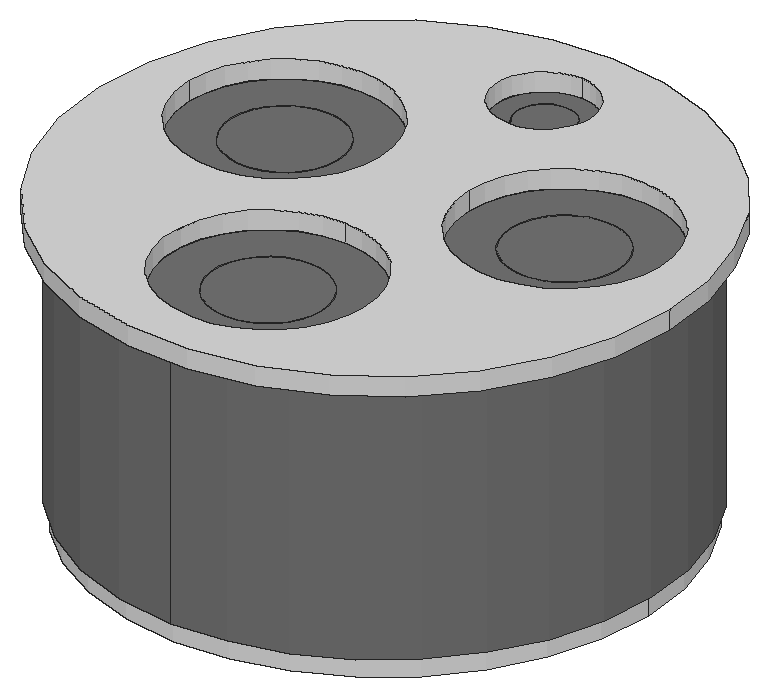
Revit family "Roxtec H4 UG seals", category Duct Accessories, host Face, Revit 2017
Family settings
  Host = Face
  Round Connector Dimension = Use Diameter
  Part Type = Attaches To
  Cut with Voids When Loaded = No
  Shared = No
Parameters (values of type "H4-150 UG")
  Max cable Ø = 54.042 mm
  phase left right height = 14 mm
  phase left right distance = 39.294 mm
  Min cable Ø = 30 mm
  phase down distance = 34 mm
  WarrantyGuarantorParts = ""
  WarrantyGuarantorLabor = ""
  WarrantyDurationUnit = ""
  WarrantyDurationParts = ""
  WarrantyDurationLabor = ""
  WarrantyDescription = ""
  Version = "2.0"  # constant formula
  Uniclass2015Version = ""
  Uniclass2015Title = ""
  Uniclass2015Code = ""
  URL = "https://www.roxtec.com/"
  UNSPSC Code = ""
  Type Comments = ""
  SustainabilityPerformance = ""
  Size = ""
  Shape = ""
  Sealing material = Roxylon black
  Roxtec RTD [instance] = ""
  Roxtec Product Title [instance] = if(and(Wall opening diameter = 150 mm), "H4-150 UG", "H4-200 UG")  # "H4-150 UG"
  Roxtec Product ID [instance] = if(and(Wall opening diameter = 150 mm), "192261", "170580")  # "192261"
  Revision = ""
  ReplacementCost = ""
  ProductInformation = ""
  ProdLib_ID = ""
  NominalLength [instance] = 0 mm
  NominalHeight = 0 mm
  NominalDepth = 0 mm
  Name = ""
  NBSReference = ""
  NBSDescription = ""
  ModelReference = ""
  ModelNumber = ""
  ManufacturerURL = ""
  Manufacturer = "Roxtec"  # constant formula
  IfcExportType = ""
  IfcExportAs = ""
  IfcClassification = ""
  IFC Classification = ""
  Grade = ""
  Frame material = Roxylon black
  Fitting material = Steel
  Finish = ""
  Features = ""
  ExpectedLife = ""
  ETIM Classification = "EC000220"  # constant formula
  DurationUnit = ""
  Description = "Sealing solutions for cables and pipes"
  Default Elevation = 0 mm
  Core material = Roxylon black
  Constituents = ""
  Color = ""
  Wall opening diameter = 150 mm
  Fitting height = 69 mm  # constant formula
  Fitting thickness = 5 mm  # constant formula
  Front fitting diameter = Wall opening diameter + 10 mm  # 160 mm
  CodePerformance = ""
  Category = ""
  COBie Type Category = ""
  BIMObjectName = ""
  Author = "ProdLib Oy"  # constant formula
  AssetType = ""
  AccessibilityPerformance = ""
Types (3, lengths in mm): name | Max cable Ø | phase left right height | phase left right distance | Min cable Ø | phase down distance | Roxtec Product Title | Roxtec Product ID | Wall opening diameter | Front fitting diameter
  (no name) | 54.042 | 14 | 39.294 | 30 | 34 | "H4-150 UG" | "192261" | 150 | 160
  H4-150 UG | 54.042 | 14 | 39.294 | 30 | 34 | "H4-150 UG" | "192261" | 150 | 160
  H4-200 UG | 66 | 18 | 49 | 50 | 48 | "H4-200 UG" | "170580" | 200 | 210
Reference planes
  plane 1 "Center (Front/Back)": y = 0
  plane 2: z = 0
  plane 3 "Center (Left/Right)": x = 0
  plane 4: y = 75
  plane 5: y = -75
  plane 6: z = -500
  plane 7: z = 5
  plane 8: z = -69
  plane 9: z = -74
  plane 10: x = -80
  plane 11: x = 80
  plane 12: y = 56
  plane 13: y = 69
  plane 14: y = 43
  plane 15: y = 63.5
  plane 16: y = 48.5
  plane 17: y = -41
  plane 18: y = -13.979
  plane 19: y = -68.021
  plane 20: y = -26
  plane 21: y = -56
  plane 22: x = -39.294
  plane 23: x = 39.294
  plane 24: y = 14
  plane 25: x = -66.315
  plane 26: x = -12.273
  plane 27: x = -54.294
  plane 28: x = -24.294
  plane 29: x = 12.273
  plane 30: x = 66.315
  plane 31: x = 24.294
  plane 32: x = 54.294
Forms (mm)
  Extrusion 1, void
    sketch origin (0, 0, 0) x (1, 0, 0) y (0, 1, 0)
      loop
        circle (0, 0) r 75
    from -500 to 0
  Extrusion 2, solid, material "Roxylon black" <- "Frame material"
    sketch origin (0, 0, 0) x (1, 0, 0) y (0, 1, 0)
      loop
        circle (0, 0) r 75
    from -69 to 0
  Extrusion 3, solid, material "Steel" <- "Fitting material"
    sketch origin (0, 0, 0) x (1, 0, 0) y (0, 1, 0)
      loop
        circle (0, 0) r 80
    from 0 to 5
  Extrusion 4, solid, material "Steel" <- "Fitting material"
    sketch origin (0, 0, 0) x (1, 0, 0) y (0, 1, 0)
      loop
        circle (0, 0) r 74
    from -74 to -69
  Extrusion 5, void
    sketch origin (0, 0, 0) x (1, 0, 0) y (0, 1, 0)
      loop
        circle (0, 56) r 13
    from -500 to 5
  Extrusion 6, solid, material "Roxylon black" <- "Sealing material"
    sketch origin (0, 0, 0) x (1, 0, 0) y (0, 1, 0)
      loop
        circle (0, 56) r 7.5
      loop
        circle (0, 56) r 13
    from -69 to 0
  Extrusion 7, void
    sketch origin (0, 0, 0) x (1, 0, 0) y (0, 1, 0)
      loop
        circle (0, -41) r 27.021
    from -500 to 5
  Extrusion 8, solid, material "Roxylon black" <- "Sealing material"
    sketch origin (0, 0, 0) x (1, 0, 0) y (0, 1, 0)
      loop
        circle (0, -41) r 27.021
      loop
        circle (0, -41) r 15
    from -69 to 0
  Extrusion 9, void
    sketch origin (0, 0, 0) x (1, 0, 0) y (0, 1, 0)
      loop
        circle (-39.294, 14) r 27.021
    from -500 to 5
  Extrusion 10, solid, material "Roxylon black" <- "Sealing material"
    sketch origin (0, 0, 0) x (1, 0, 0) y (0, 1, 0)
      loop
        circle (-39.294, 14) r 15
      loop
        circle (-39.294, 14) r 27.021
    from -69 to 0
  Extrusion 11, void
    sketch origin (0, 0, 0) x (1, 0, 0) y (0, 1, 0)
      loop
        circle (39.294, 14) r 27.021
    from -500 to 5
  Extrusion 12, solid, material "Roxylon black" <- "Sealing material"
    sketch origin (0, 0, 0) x (1, 0, 0) y (0, 1, 0)
      loop
        circle (39.294, 14) r 27.021
      loop
        circle (39.294, 14) r 15
    from -69 to 0
  Extrusion 13, solid, material "Roxylon black" <- "Core material"
    sketch origin (0, 0, 0) x (1, 0, 0) y (0, 1, 0)
      loop
        circle (0, 56) r 7.5
    from -69 to 0
  Extrusion 14, solid, material "Roxylon black" <- "Core material"
    sketch origin (0, 0, 0) x (1, 0, 0) y (0, 1, 0)
      loop
        circle (-39.294, 14) r 15
    from -69 to 0
  Extrusion 15, solid, material "Roxylon black" <- "Core material"
    sketch origin (0, 0, 0) x (1, 0, 0) y (0, 1, 0)
      loop
        circle (39.294, 14) r 15
    from -69 to 0
  Extrusion 16, solid, material "Roxylon black" <- "Core material"
    sketch origin (0, 0, 0) x (1, 0, 0) y (0, 1, 0)
      loop
        circle (0, -41) r 15
    from -69 to 0
Cuts and joins
  Extrusion 5, Extrusion 7, Extrusion 9, Extrusion 11 cuts Extrusion 2
  Extrusion 5, Extrusion 7, Extrusion 9, Extrusion 11 cuts Extrusion 3
  Extrusion 5, Extrusion 7, Extrusion 9, Extrusion 11 cuts Extrusion 4
Dimensions and locks
  locked: plane 2 to plane 6 at 500
  equal spacing: plane 4, plane 1 "Center (Front/Back)", plane 5
  "Wall opening diameter": plane 4 to plane 5
  "Fitting thickness": plane 7 to plane 2
  "Fitting height": plane 2 to plane 8
  "Fitting thickness": plane 8 to plane 9
  equal spacing: plane 10, plane 3 "Center (Left/Right)", plane 11
  "Front fitting diameter": plane 10 to plane 11
  locked: plane 4 to plane 12 at 19
  equal spacing: plane 13, plane 12, plane 14
  locked: plane 13 to plane 14 at 26
  equal spacing: plane 15, plane 12, plane 16
  locked: plane 15 to plane 16 at 15
  "phase down distance": plane 17 to plane 5
  equal spacing: plane 18, plane 17, plane 19
  "Max cable Ø": plane 18 to plane 19
  equal spacing: plane 20, plane 17, plane 21
  "Min cable Ø": plane 20 to plane 21
  "phase left right distance": plane 22 to plane 3 "Center (Left/Right)"
  "phase left right distance": plane 3 "Center (Left/Right)" to plane 23
  "phase left right height": plane 1 "Center (Front/Back)" to plane 24
  equal spacing: plane 25, plane 22, plane 26
  "Max cable Ø": plane 25 to plane 26
  equal spacing: plane 27, plane 22, plane 28
  "Min cable Ø": plane 27 to plane 28
  equal spacing: plane 29, plane 23, plane 30
  "Max cable Ø": plane 29 to plane 30
  equal spacing: plane 31, plane 23, plane 32
  "Min cable Ø": plane 31 to plane 32
  aligned and locked: plane 2 to host face
  aligned and locked: level to host face
  aligned and locked: plane 4 to Extrusion 1 sketch curve
  aligned and locked: plane 3 "Center (Left/Right)" to Extrusion 1 sketch curve  (x2)
  aligned and locked: plane 5 to Extrusion 1 sketch curve
  aligned and locked: Extrusion 1 to plane 6
  aligned and locked: level to Extrusion 1
  aligned and locked: plane 4 to Extrusion 2 sketch curve
  aligned and locked: plane 3 "Center (Left/Right)" to Extrusion 2 sketch curve  (x2)
  aligned and locked: plane 5 to Extrusion 2 sketch curve
  aligned and locked: Extrusion 2 to plane 8
  aligned and locked: level to Extrusion 2
  aligned and locked: plane 1 "Center (Front/Back)" to Extrusion 3  (x4)
  aligned and locked: plane 10 to Extrusion 3  (x2)
  aligned and locked: plane 11 to Extrusion 3  (x2)
  aligned and locked: plane 7 to Extrusion 3
  aligned and locked: Extrusion 3 to level
  aligned and locked: plane 1 "Center (Front/Back)" to Extrusion 4 sketch curve  (x2)
  aligned and locked: Extrusion 4 to plane 9
  aligned and locked: plane 8 to Extrusion 4
  aligned and locked: plane 13 to Extrusion 5 sketch curve
  aligned and locked: plane 3 "Center (Left/Right)" to Extrusion 5 sketch curve  (x2)
  aligned and locked: plane 14 to Extrusion 5 sketch curve
  aligned and locked: Extrusion 5 to plane 6
  aligned and locked: plane 7 to Extrusion 5
  aligned and locked: plane 13 to Extrusion 6 sketch curve
  aligned and locked: plane 3 "Center (Left/Right)" to Extrusion 6 sketch curve  (x4)
  aligned and locked: plane 15 to Extrusion 6 sketch curve
  aligned and locked: plane 16 to Extrusion 6 sketch curve
  aligned and locked: plane 14 to Extrusion 6 sketch curve
  aligned and locked: plane 18 to Extrusion 7 sketch curve
  aligned and locked: plane 3 "Center (Left/Right)" to Extrusion 7 sketch curve  (x2)
  aligned and locked: plane 19 to Extrusion 7 sketch curve
  aligned and locked: Extrusion 7 to plane 6
  aligned and locked: plane 7 to Extrusion 7
  aligned and locked: plane 18 to Extrusion 8 sketch curve
  aligned and locked: plane 3 "Center (Left/Right)" to Extrusion 8 sketch curve  (x4)
  aligned and locked: plane 20 to Extrusion 8 sketch curve
  aligned and locked: plane 21 to Extrusion 8 sketch curve
  aligned and locked: plane 19 to Extrusion 8 sketch curve
  aligned and locked: Extrusion 9 to plane 6
  aligned and locked: plane 7 to Extrusion 9
  aligned and locked: Extrusion 10 sketch curve to plane 27
  aligned and locked: plane 24 to Extrusion 10 sketch curve  (x4)
  aligned and locked: Extrusion 10 sketch curve to plane 28
  aligned and locked: plane 26 to Extrusion 10 sketch curve
  aligned and locked: plane 25 to Extrusion 10 sketch curve
  aligned and locked: plane 24 to Extrusion 11 sketch curve
  aligned and locked: Extrusion 11 sketch curve to plane 24
  aligned and locked: plane 29 to Extrusion 11 sketch curve
  aligned and locked: plane 30 to Extrusion 11 sketch curve
  aligned and locked: Extrusion 11 to plane 6
  aligned and locked: plane 7 to Extrusion 11
  aligned and locked: plane 24 to Extrusion 12 sketch curve  (x2)
  aligned and locked: plane 31 to Extrusion 12 sketch curve
  aligned and locked: plane 32 to Extrusion 12 sketch curve
  aligned and locked: plane 30 to Extrusion 12 sketch curve
  aligned and locked: plane 29 to Extrusion 12 sketch curve
  aligned and locked: plane 2 to Extrusion 10
  aligned and locked: plane 2 to Extrusion 8
  aligned and locked: plane 2 to Extrusion 12
  aligned and locked: plane 2 to Extrusion 6
  aligned and locked: Extrusion 10 to plane 8
  aligned and locked: Extrusion 8 to plane 8
  aligned and locked: Extrusion 6 to plane 8
  aligned and locked: Extrusion 12 to plane 8
  aligned and locked: Extrusion 13 sketch curve to Extrusion 6  (x2)
  aligned and locked: Extrusion 14 sketch curve to Extrusion 10  (x2)
  aligned and locked: Extrusion 15 sketch curve to Extrusion 12  (x2)
  aligned and locked: Extrusion 16 sketch curve to Extrusion 8  (x2)
  aligned and locked: Extrusion 14 to plane 8
  aligned and locked: Extrusion 15 to plane 8
  aligned and locked: Extrusion 16 to plane 8
  aligned and locked: Extrusion 13 to plane 8
  aligned and locked: plane 2 to Extrusion 14
  aligned and locked: plane 2 to Extrusion 15
  aligned and locked: plane 2 to Extrusion 16
  aligned and locked: plane 2 to Extrusion 13
Automatic sketch dimensions
  host sketch curve to host sketch curve = 2438.4 mm  (x2)
  plane 1 "Center (Front/Back)" to Extrusion 3 sketch curve = 0 mm
  Extrusion 3 sketch curve to plane 10 = 0 mm
  Extrusion 3 sketch curve to plane 3 "Center (Left/Right)" = 0 mm
  Extrusion 9 sketch curve to plane 24 = 0 mm
  Extrusion 9 sketch curve to plane 25 = 0 mm
  Extrusion 9 sketch curve to plane 22 = 0 mm
  Extrusion 12 sketch curve to plane 24 = 0 mm
  Extrusion 4 sketch curve to plane 3 "Center (Left/Right)" = 0 mm
  plane 10 to Extrusion 4 sketch curve = 6 mm
  Extrusion 4 sketch curve to Extrusion 4 sketch curve = 0 mm
  plane 1 "Center (Front/Back)" to Extrusion 4 sketch curve = 0 mm
